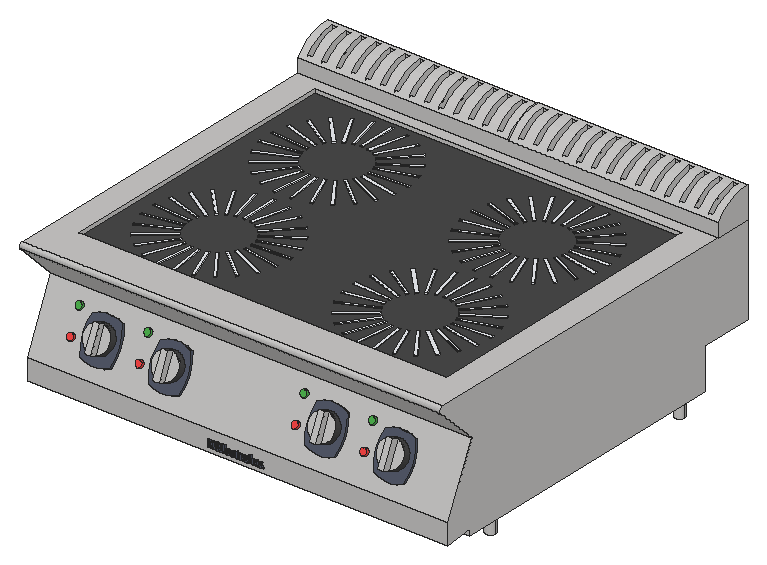
Revit family "QF_ELECTROLUXPROFESSIONAL_371132_E7INEH400N", category Specialty Equipment, Revit 2018 (continued)
Automatic sketch dimensions
  Extrusion 41 sketch curve to Extrusion 41 sketch curve = 0.444 mm
  Extrusion 41 sketch curve to Extrusion 41 sketch curve = 1.11 mm  (x3)
  Extrusion 41 sketch curve to Extrusion 41 sketch curve = 0.215 mm
  Extrusion 41 sketch curve to Extrusion 41 sketch curve = 1.43 mm
  Extrusion 41 sketch curve to Extrusion 41 sketch curve = 1.188 mm
  Extrusion 41 sketch curve to Extrusion 41 sketch curve = 1.21 mm  (x2)
  Extrusion 41 sketch curve to Extrusion 41 sketch curve = 0.503 mm
  Extrusion 41 sketch curve to Extrusion 41 sketch curve = 0.488 mm
  Extrusion 41 sketch curve to Extrusion 41 sketch curve = 0.462 mm
  Extrusion 41 sketch curve to Extrusion 41 sketch curve = 1.386 mm
  Extrusion 41 sketch curve to Extrusion 41 sketch curve = 1.742 mm  (x2)
  Extrusion 41 sketch curve to Extrusion 41 sketch curve = 0.821 mm
  Extrusion 41 sketch curve to Extrusion 41 sketch curve = 0.497 mm
  Extrusion 41 sketch curve to Extrusion 41 sketch curve = 0.539 mm
  Extrusion 41 sketch curve to Extrusion 41 sketch curve = 0.686 mm
  Extrusion 41 sketch curve to Extrusion 41 sketch curve = 0.408 mm
  Extrusion 41 sketch curve to Extrusion 41 sketch curve = 0.743 mm
  Extrusion 41 sketch curve to Extrusion 41 sketch curve = 1.16 mm
  Extrusion 41 sketch curve to Extrusion 41 sketch curve = 0.329 mm
  Extrusion 41 sketch curve to Extrusion 41 sketch curve = 1.054 mm
  Extrusion 41 sketch curve to Extrusion 41 sketch curve = 1.056 mm
  Extrusion 41 sketch curve to Extrusion 41 sketch curve = 0.129 mm
  Extrusion 41 sketch curve to Extrusion 41 sketch curve = 0.489 mm
  Extrusion 41 sketch curve to Extrusion 41 sketch curve = 0.441 mm
  Extrusion 41 sketch curve to Extrusion 41 sketch curve = 1.151 mm
  Extrusion 41 sketch curve to Extrusion 41 sketch curve = 1.141 mm  (x2)
  Extrusion 41 sketch curve to Extrusion 41 sketch curve = 0.768 mm
  Extrusion 41 sketch curve to Extrusion 41 sketch curve = 1.653 mm
  Extrusion 41 sketch curve to Extrusion 41 sketch curve = 0.499 mm
  Extrusion 41 sketch curve to Extrusion 41 sketch curve = 0.964 mm
  Extrusion 41 sketch curve to Extrusion 41 sketch curve = 0.949 mm
  Extrusion 41 sketch curve to Extrusion 41 sketch curve = 1.345 mm  (x2)
  Extrusion 41 sketch curve to Extrusion 41 sketch curve = 1.101 mm
  Extrusion 41 sketch curve to Extrusion 41 sketch curve = 0.432 mm
  Extrusion 41 sketch curve to Extrusion 41 sketch curve = 1.142 mm
  Extrusion 41 sketch curve to Extrusion 41 sketch curve = 0.959 mm
  Extrusion 41 sketch curve to Extrusion 41 sketch curve = 0.176 mm
  Extrusion 41 sketch curve to Extrusion 41 sketch curve = 0.728 mm
  Extrusion 41 sketch curve to Extrusion 41 sketch curve = 3.375 mm  (x2)
  Extrusion 41 sketch curve to Extrusion 41 sketch curve = 0.541 mm
  Extrusion 41 sketch curve to Extrusion 41 sketch curve = 0.955 mm
  Extrusion 41 sketch curve to Extrusion 41 sketch curve = 1.251 mm
  Extrusion 41 sketch curve to Extrusion 41 sketch curve = 0.572 mm
  Extrusion 41 sketch curve to Extrusion 41 sketch curve = 1.92 mm
  Extrusion 41 sketch curve to Extrusion 41 sketch curve = 1.224 mm
  Extrusion 41 sketch curve to Extrusion 41 sketch curve = 0.745 mm
  Extrusion 41 sketch curve to Extrusion 41 sketch curve = 2.537 mm
  Extrusion 41 sketch curve to Extrusion 41 sketch curve = 0.896 mm  (x3)
  Extrusion 41 sketch curve to Extrusion 41 sketch curve = 0.036 mm
  Extrusion 41 sketch curve to Extrusion 41 sketch curve = 2.607 mm
  Extrusion 41 sketch curve to Extrusion 41 sketch curve = 0.066 mm
  Extrusion 41 sketch curve to Extrusion 41 sketch curve = 0.248 mm
  Extrusion 41 sketch curve to Extrusion 41 sketch curve = 0.449 mm
  Extrusion 41 sketch curve to Extrusion 41 sketch curve = 1.052 mm
  Extrusion 41 sketch curve to Extrusion 41 sketch curve = 1.863 mm
  Extrusion 41 sketch curve to Extrusion 41 sketch curve = 1.31 mm  (x2)
  Extrusion 41 sketch curve to Extrusion 41 sketch curve = 0.901 mm
  Extrusion 41 sketch curve to Extrusion 41 sketch curve = 1.107 mm
  Extrusion 41 sketch curve to Extrusion 41 sketch curve = 2.122 mm
  Extrusion 41 sketch curve to Extrusion 41 sketch curve = 2.101 mm
  Extrusion 41 sketch curve to Extrusion 41 sketch curve = 0.106 mm
  Extrusion 41 sketch curve to Extrusion 41 sketch curve = 0.029 mm
  Extrusion 41 sketch curve to Extrusion 41 sketch curve = 2.09 mm
  Extrusion 41 sketch curve to Extrusion 41 sketch curve = 1.279 mm
  Extrusion 41 sketch curve to Extrusion 41 sketch curve = 2.008 mm
  Extrusion 41 sketch curve to Extrusion 41 sketch curve = 0.738 mm
  Extrusion 41 sketch curve to Extrusion 41 sketch curve = 0.382 mm
  Extrusion 41 sketch curve to Extrusion 41 sketch curve = 0.384 mm
  Extrusion 41 sketch curve to Extrusion 41 sketch curve = 0.002 mm
  Extrusion 41 sketch curve to Extrusion 41 sketch curve = 0.561 mm
  Extrusion 41 sketch curve to Extrusion 41 sketch curve = 0.592 mm
  Extrusion 41 sketch curve to Extrusion 41 sketch curve = 2.692 mm
  Extrusion 41 sketch curve to Extrusion 41 sketch curve = 1.259 mm
  Extrusion 41 sketch curve to Extrusion 41 sketch curve = 0.802 mm
  Extrusion 41 sketch curve to Extrusion 41 sketch curve = 1.024 mm  (x2)
  Extrusion 41 sketch curve to Extrusion 41 sketch curve = 0.682 mm
  Extrusion 41 sketch curve to Extrusion 41 sketch curve = 5.934 mm
  Extrusion 41 sketch curve to Extrusion 41 sketch curve = 2.186 mm
  Extrusion 41 sketch curve to Extrusion 41 sketch curve = 0.337 mm
  Extrusion 41 sketch curve to Extrusion 41 sketch curve = 0.021 mm
  Extrusion 41 sketch curve to Extrusion 41 sketch curve = 1.005 mm
  Extrusion 41 sketch curve to Extrusion 41 sketch curve = 0.552 mm
  Extrusion 41 sketch curve to Extrusion 41 sketch curve = 0.778 mm
  Extrusion 41 sketch curve to Extrusion 41 sketch curve = 0.063 mm
  Extrusion 41 sketch curve to Extrusion 41 sketch curve = 1.023 mm
  Extrusion 41 sketch curve to Extrusion 41 sketch curve = 3.804 mm
  Extrusion 41 sketch curve to Extrusion 41 sketch curve = 0.486 mm
  Extrusion 41 sketch curve to Extrusion 41 sketch curve = 0.266 mm  (x2)
  Extrusion 41 sketch curve to Extrusion 41 sketch curve = 1.547 mm
  Extrusion 41 sketch curve to Extrusion 41 sketch curve = 0.717 mm  (x2)
  Extrusion 41 sketch curve to Extrusion 41 sketch curve = 1.667 mm
  Extrusion 41 sketch curve to Extrusion 41 sketch curve = 3.174 mm
  Extrusion 41 sketch curve to Extrusion 41 sketch curve = 0.388 mm
  Extrusion 41 sketch curve to Extrusion 41 sketch curve = 1.342 mm
  Extrusion 41 sketch curve to Extrusion 41 sketch curve = 1.521 mm
  Extrusion 41 sketch curve to Extrusion 41 sketch curve = 0.124 mm
  Extrusion 41 sketch curve to Extrusion 41 sketch curve = 0.291 mm
  plane 7 "Center Y" to Extrusion 41 sketch curve = 3.923 mm
  Extrusion 41 sketch curve to Extrusion 41 sketch curve = 1.049 mm  (x2)
  Extrusion 41 sketch curve to Extrusion 41 sketch curve = 1.7 mm
  Extrusion 41 sketch curve to Extrusion 41 sketch curve = 0.894 mm
  Extrusion 41 sketch curve to Extrusion 41 sketch curve = 0.989 mm
  Extrusion 41 sketch curve to Extrusion 41 sketch curve = 1.168 mm
  Extrusion 41 sketch curve to Extrusion 41 sketch curve = 1.594 mm
  Extrusion 41 sketch curve to Extrusion 41 sketch curve = 0.731 mm
  Extrusion 41 sketch curve to Extrusion 41 sketch curve = 1.566 mm
  Extrusion 41 sketch curve to Extrusion 41 sketch curve = 0.064 mm
  plane 7 "Center Y" to Extrusion 41 sketch curve = 4.479 mm
  Extrusion 41 sketch curve to Extrusion 41 sketch curve = 0.556 mm  (x2)
  Extrusion 41 sketch curve to Extrusion 41 sketch curve = 0.48 mm
  Extrusion 41 sketch curve to Extrusion 41 sketch curve = 1.018 mm
  Extrusion 41 sketch curve to Extrusion 41 sketch curve = 0.787 mm
  Extrusion 41 sketch curve to Extrusion 41 sketch curve = 0.618 mm
  Extrusion 41 sketch curve to Extrusion 41 sketch curve = 1.672 mm
  Extrusion 41 sketch curve to Extrusion 41 sketch curve = 1.361 mm
  Extrusion 41 sketch curve to Extrusion 41 sketch curve = 0.822 mm
  Extrusion 41 sketch curve to Extrusion 41 sketch curve = 0.069 mm
  Extrusion 41 sketch curve to Extrusion 41 sketch curve = 1.88 mm
  Extrusion 41 sketch curve to Extrusion 41 sketch curve = 0.42 mm
  Extrusion 41 sketch curve to Extrusion 41 sketch curve = 0.062 mm
  Extrusion 41 sketch curve to Extrusion 41 sketch curve = 1.355 mm
  Extrusion 41 sketch curve to Extrusion 41 sketch curve = 2.34 mm
  Extrusion 41 sketch curve to Extrusion 41 sketch curve = 0.493 mm
  Extrusion 41 sketch curve to Extrusion 41 sketch curve = 0.136 mm
  Extrusion 41 sketch curve to Extrusion 41 sketch curve = 0.128 mm
  Extrusion 41 sketch curve to Extrusion 41 sketch curve = 3.616 mm
  Extrusion 41 sketch curve to Extrusion 41 sketch curve = 4.207 mm
  Extrusion 41 sketch curve to Extrusion 41 sketch curve = 0.183 mm
  Extrusion 41 sketch curve to Extrusion 41 sketch curve = 0.895 mm
  Extrusion 41 sketch curve to Extrusion 41 sketch curve = 1.314 mm
  Extrusion 41 sketch curve to Extrusion 41 sketch curve = 3.231 mm
  Extrusion 41 sketch curve to Extrusion 41 sketch curve = 1.299 mm
  Extrusion 41 sketch curve to Extrusion 41 sketch curve = 1.214 mm
  Extrusion 41 sketch curve to Extrusion 41 sketch curve = 1.264 mm
  Extrusion 41 sketch curve to Extrusion 41 sketch curve = 0.109 mm
  Extrusion 41 sketch curve to Extrusion 41 sketch curve = 0.357 mm
  Extrusion 41 sketch curve to Extrusion 41 sketch curve = 0.565 mm
  Extrusion 41 sketch curve to Extrusion 41 sketch curve = 2.504 mm
  Extrusion 41 sketch curve to Extrusion 41 sketch curve = 2.459 mm
  Extrusion 41 sketch curve to Extrusion 41 sketch curve = 1.322 mm
  Extrusion 41 sketch curve to Extrusion 41 sketch curve = 2.77 mm
  Extrusion 41 sketch curve to Extrusion 41 sketch curve = 2.51 mm
  Extrusion 41 sketch curve to Extrusion 41 sketch curve = 0.187 mm
  Extrusion 41 sketch curve to Extrusion 41 sketch curve = 2.559 mm
  Extrusion 41 sketch curve to Extrusion 41 sketch curve = 1.556 mm
  Extrusion 41 sketch curve to Extrusion 41 sketch curve = 0.222 mm
  Extrusion 41 sketch curve to Extrusion 41 sketch curve = 1.383 mm
  Extrusion 41 sketch curve to Extrusion 41 sketch curve = 3.114 mm
  Extrusion 41 sketch curve to Extrusion 41 sketch curve = 3.376 mm
  Extrusion 41 sketch curve to Extrusion 41 sketch curve = 0.934 mm
  Extrusion 41 sketch curve to Extrusion 41 sketch curve = 0.191 mm
  Extrusion 41 sketch curve to Extrusion 41 sketch curve = 3.696 mm
  Extrusion 41 sketch curve to Extrusion 41 sketch curve = 2.708 mm
  Extrusion 41 sketch curve to Extrusion 41 sketch curve = 3.333 mm
  Extrusion 41 sketch curve to Extrusion 41 sketch curve = 0.332 mm
  Extrusion 41 sketch curve to Extrusion 41 sketch curve = 1.087 mm
  Extrusion 41 sketch curve to Extrusion 41 sketch curve = 2.23 mm
  Extrusion 41 sketch curve to Extrusion 41 sketch curve = 2.757 mm
  Extrusion 41 sketch curve to Extrusion 41 sketch curve = 0.987 mm
  Extrusion 41 sketch curve to Extrusion 41 sketch curve = 1.529 mm
  Extrusion 41 sketch curve to Extrusion 41 sketch curve = 1.796 mm
  Extrusion 41 sketch curve to Extrusion 41 sketch curve = 2.859 mm
  Extrusion 41 sketch curve to Extrusion 41 sketch curve = 0.853 mm
  Extrusion 41 sketch curve to Extrusion 41 sketch curve = 1.241 mm
  Extrusion 41 sketch curve to Extrusion 41 sketch curve = 2.046 mm  (x2)
  Extrusion 41 sketch curve to Extrusion 41 sketch curve = 2.422 mm
  Extrusion 41 sketch curve to Extrusion 41 sketch curve = 0.27 mm  (x2)
  Extrusion 41 sketch curve to Extrusion 41 sketch curve = 0.69 mm
  Extrusion 41 sketch curve to Extrusion 41 sketch curve = 0.781 mm  (x2)
  Extrusion 41 sketch curve to Extrusion 41 sketch curve = 3.136 mm
  Extrusion 41 sketch curve to Extrusion 41 sketch curve = 1.767 mm
  Extrusion 41 sketch curve to Extrusion 41 sketch curve = 0.138 mm
  Extrusion 41 sketch curve to Extrusion 41 sketch curve = 0.777 mm
  Extrusion 41 sketch curve to Extrusion 41 sketch curve = 1.19 mm
  Extrusion 41 sketch curve to Extrusion 41 sketch curve = 0.782 mm
  Extrusion 41 sketch curve to Extrusion 41 sketch curve = 1.268 mm
  Extrusion 41 sketch curve to Extrusion 41 sketch curve = 0.422 mm  (x2)
  Extrusion 41 sketch curve to Extrusion 41 sketch curve = 1.559 mm
  Extrusion 41 sketch curve to Extrusion 41 sketch curve = 3.927 mm
  Extrusion 41 sketch curve to Extrusion 41 sketch curve = 0.983 mm
  Extrusion 41 sketch curve to Extrusion 41 sketch curve = 1.134 mm
  Extrusion 41 sketch curve to Extrusion 41 sketch curve = 0.094 mm
  plane 7 "Center Y" to Extrusion 41 sketch curve = 1.023 mm
  Extrusion 41 sketch curve to Extrusion 41 sketch curve = 1.501 mm
  Extrusion 41 sketch curve to Extrusion 41 sketch curve = 1.808 mm
  Extrusion 41 sketch curve to Extrusion 41 sketch curve = 0.643 mm
  Extrusion 41 sketch curve to Extrusion 41 sketch curve = 0.916 mm
  Extrusion 41 sketch curve to Extrusion 41 sketch curve = 0.352 mm
  Extrusion 41 sketch curve to Extrusion 41 sketch curve = 0.458 mm
  Extrusion 41 sketch curve to Extrusion 41 sketch curve = 1.282 mm
  Extrusion 41 sketch curve to Extrusion 41 sketch curve = 1.363 mm
  Extrusion 41 sketch curve to Extrusion 41 sketch curve = 0.685 mm
  Extrusion 41 sketch curve to Extrusion 41 sketch curve = 0.905 mm
  Extrusion 41 sketch curve to Extrusion 41 sketch curve = 2.865 mm
  Extrusion 41 sketch curve to Extrusion 41 sketch curve = 0.472 mm
  Extrusion 41 sketch curve to Extrusion 41 sketch curve = 0.101 mm
  Extrusion 41 sketch curve to Extrusion 41 sketch curve = 0.54 mm
  Extrusion 41 sketch curve to Extrusion 41 sketch curve = 0.02 mm
  Extrusion 41 sketch curve to Extrusion 41 sketch curve = 0.468 mm
  Extrusion 41 sketch curve to Extrusion 41 sketch curve = 0.829 mm
  Extrusion 41 sketch curve to Extrusion 41 sketch curve = 0.582 mm
  Extrusion 41 sketch curve to Extrusion 41 sketch curve = 0.166 mm
  Extrusion 41 sketch curve to Extrusion 41 sketch curve = 0.16 mm
  Extrusion 41 sketch curve to Extrusion 41 sketch curve = 2.781 mm
  Extrusion 41 sketch curve to Extrusion 41 sketch curve = 1.118 mm
  Extrusion 41 sketch curve to Extrusion 41 sketch curve = 0.613 mm
  Extrusion 41 sketch curve to Extrusion 41 sketch curve = 0.361 mm
  Extrusion 41 sketch curve to Extrusion 41 sketch curve = 0.897 mm
  Extrusion 41 sketch curve to Extrusion 41 sketch curve = 0.167 mm
  Extrusion 41 sketch curve to Extrusion 41 sketch curve = 0.292 mm
  Extrusion 41 sketch curve to Extrusion 41 sketch curve = 0.305 mm
  Extrusion 41 sketch curve to Extrusion 41 sketch curve = 1.557 mm
  Extrusion 41 sketch curve to Extrusion 41 sketch curve = 2.499 mm
  Extrusion 41 sketch curve to Extrusion 41 sketch curve = 3.062 mm
  Extrusion 41 sketch curve to Extrusion 41 sketch curve = 2.968 mm
  Extrusion 41 sketch curve to Extrusion 41 sketch curve = 5.044 mm
  Extrusion 41 sketch curve to Extrusion 41 sketch curve = 0.629 mm  (x2)
  Extrusion 41 sketch curve to Extrusion 41 sketch curve = 1.131 mm
  Extrusion 41 sketch curve to Extrusion 41 sketch curve = 0.137 mm
  Extrusion 41 sketch curve to Extrusion 41 sketch curve = 0.027 mm
  Extrusion 41 sketch curve to Extrusion 41 sketch curve = 2.235 mm
  Extrusion 42 sketch curve to Extrusion 1 = 31.333 mm  (x2)
  Extrusion 42 sketch curve to Extrusion 42 sketch curve = 12.3 mm  (x3)
  Extrusion 42 sketch curve to Extrusion 42 sketch curve = 34.925 mm  (x2)
  Extrusion 1 to Extrusion 42 sketch curve = 44.467 mm
  Extrusion 1 to Extrusion 42 sketch curve = 305.752 mm
  Extrusion 42 sketch curve to Extrusion 42 sketch curve = 25.727 mm
  Extrusion 42 sketch curve to Extrusion 42 sketch curve = 25.771 mm
  Extrusion 42 sketch curve to Extrusion 42 sketch curve = 28.531 mm
  Extrusion 44 sketch curve to Extrusion 44 sketch curve = 24.732 mm
  Extrusion 44 sketch curve to Extrusion 44 sketch curve = 0 mm
  Extrusion 1 to Extrusion 45 sketch curve = 29.678 mm
  Extrusion 1 to Extrusion 45 sketch curve = 196.283 mm
  Extrusion 46 sketch curve to Extrusion 1 = 54.522 mm
  Extrusion 1 to Extrusion 46 sketch curve = 196.283 mm
  Extrusion 47 sketch curve to Extrusion 1 = 31.333 mm  (x2)
  Extrusion 47 sketch curve to Extrusion 47 sketch curve = 12.3 mm  (x3)
  Extrusion 47 sketch curve to Extrusion 47 sketch curve = 34.925 mm  (x2)
  Extrusion 1 to Extrusion 47 sketch curve = 44.467 mm
  Extrusion 1 to Extrusion 47 sketch curve = 66.558 mm
  Extrusion 47 sketch curve to Extrusion 47 sketch curve = 25.683 mm
  Extrusion 47 sketch curve to Extrusion 47 sketch curve = 25.727 mm
  Extrusion 47 sketch curve to Extrusion 47 sketch curve = 28.575 mm
  Extrusion 49 sketch curve to Extrusion 49 sketch curve = 24.732 mm
  Extrusion 49 sketch curve to Extrusion 49 sketch curve = 0 mm
  Extrusion 50 sketch curve to Extrusion 1 = 31.333 mm  (x2)
  Extrusion 50 sketch curve to Extrusion 50 sketch curve = 12.3 mm  (x3)
  Extrusion 50 sketch curve to Extrusion 50 sketch curve = 34.925 mm  (x2)
  Extrusion 1 to Extrusion 50 sketch curve = 44.467 mm
  Extrusion 1 to Extrusion 50 sketch curve = 197.193 mm
  Extrusion 50 sketch curve to Extrusion 50 sketch curve = 25.683 mm
  Extrusion 50 sketch curve to Extrusion 50 sketch curve = 25.727 mm
  Extrusion 50 sketch curve to Extrusion 50 sketch curve = 28.575 mm
  Extrusion 52 sketch curve to Extrusion 52 sketch curve = 24.732 mm
  Extrusion 52 sketch curve to Extrusion 52 sketch curve = 0 mm
  Extrusion 1 to Extrusion 53 sketch curve = 29.678 mm
  Extrusion 1 to Extrusion 53 sketch curve = 306.618 mm
  Extrusion 54 sketch curve to Extrusion 1 = 54.522 mm
  Extrusion 1 to Extrusion 54 sketch curve = 306.618 mm
  Extrusion 1 to Extrusion 55 sketch curve = 29.678 mm
  Extrusion 1 to Extrusion 55 sketch curve = 175.983 mm
  Extrusion 56 sketch curve to Extrusion 1 = 54.522 mm
  Extrusion 1 to Extrusion 56 sketch curve = 175.983 mm
  plane 7 "Center Y" to curve 133 = 1.729 mm
  curve 9 to plane 7 "Center Y" = 1.454 mm
  curve 9 to curve 7 = 0 mm
  radius of Extrusion 3 sketch curve = 9.525 mm  (x4)
  radius of Extrusion 5 sketch curve = 25.4 mm
  radius of Extrusion 6 sketch curve to Extrusion 5 = 0 mm  (x2)
  radius of Extrusion 7 sketch curve = 6.35 mm
  radius of Extrusion 8 sketch curve = 6.4 mm
  radius of Extrusion 9 sketch curve = 12.7 mm
  radius of Extrusion 43 sketch curve = 25.4 mm
  radius of Extrusion 44 sketch curve to Extrusion 43 = 0 mm  (x2)
  radius of Extrusion 45 sketch curve = 6.35 mm
  radius of Extrusion 46 sketch curve = 6.4 mm
  radius of Extrusion 48 sketch curve = 25.4 mm
  radius of Extrusion 49 sketch curve to Extrusion 48 = 0 mm  (x2)
  radius of Extrusion 51 sketch curve = 25.4 mm
  radius of Extrusion 52 sketch curve to Extrusion 51 = 0 mm  (x2)
  radius of Extrusion 53 sketch curve = 6.35 mm
  radius of Extrusion 54 sketch curve = 6.4 mm
  radius of Extrusion 55 sketch curve = 6.35 mm
  radius of Extrusion 56 sketch curve = 6.4 mm
Nested families
  nested 1: "INDUCTION BURNER" at (75.273, -103.911, 266.887), type "INDUCTION BURNER"
    with Type Mark "", Status "", Specification by User "", Revision Code "", Item Number "", Installed By "", Identify Quantity as Lot yes, Furnished By "", Foodservice Equipment Identifier yes
  nested 2: "INDUCTION BURNER" at (457, -103.911, 266.887), type "INDUCTION BURNER"
    with Type Mark "", Status "", Specification by User "", Revision Code "", Item Number "", Installed By "", Identify Quantity as Lot yes, Furnished By "", Foodservice Equipment Identifier yes
  nested 3: "INDUCTION BURNER" at (457, -383.911, 266.887), type "INDUCTION BURNER"
    with Type Mark "", Status "", Specification by User "", Revision Code "", Item Number "", Installed By "", Identify Quantity as Lot yes, Furnished By "", Foodservice Equipment Identifier yes
  nested 4: "INDUCTION BURNER" at (75.273, -383.911, 266.887), type "INDUCTION BURNER"
    with Type Mark "", Status "", Specification by User "", Revision Code "", Item Number "", Installed By "", Identify Quantity as Lot yes, Furnished By "", Foodservice Equipment Identifier yes
Connectors
  electrical at (736.5, -88.9, 57.906), driven by "Volts", driven by "Watts"
    settings: on Extrusion 9, index 1, voltage 230 V, apparent load 14000 VA, apparent load phase1 0 VA, apparent load phase2 0 VA, apparent load phase3 0 VA, power factor 1, load classification "Other", number of poles 1, system type 30, power factor state 1, is connector primary yes, connector utility no, sub classification motor no, connector description "Electrical Connection"
Definition of nested family "INDUCTION BURNER"
  Parameters
    Weight in Pounds = 0
    URL Cutsheet = ""
    Type Mark [instance] = ""
    Status [instance] = ""
    Specification by User [instance] = ""
    Specification by Manufacturer = ""
    Serial Number = ""
    Seismic Rating = ""
    SMACNA No = ""
    Revision Code [instance] = ""
    Omniclass Number and Title = ""
    NAFEM Spec ID Number = ""
    Masterspec = ""
    Item Number [instance] = ""
    Installed By [instance] = ""
    Identify Quantity as Lot [instance] = yes
    Furnished By [instance] = ""
    Foodservice Equipment Identifier [instance] = yes
    CSI MasterFormat = ""
    CSI Master Format = ""
    Assembly Code = ""
  Reference planes
    plane 1 "BACK": y = 0
    plane 2: z = 0
    plane 3 "LEFT": x = 0
    plane 4 "RIGHT": x = 263
    plane 5 "FRONT": y = -263
    plane 6 "TOP": z = 0.794
    plane 7 "Center Y": x = 131.5
    plane 8 "Center X": y = -131.5
  Forms (mm)
    Extrusion 1, solid
      sketch origin (0, 0, 0) x (1, 0, 0) y (0, 1, 0)
        loop
          line (134, -73.314) -> (134, 0) -> (129, 0) -> (129, -73.314) -> (134, -73.314)
        loop
          line (119.451, -74.521) -> (101.219, -3.51) -> (96.376, -4.753) -> (114.608, -75.764) -> (119.451, -74.521)
        loop
          line (105.66, -79.307) -> (70.34, -15.061) -> (65.959, -17.47) -> (101.278, -81.716) -> (105.66, -79.307)
        loop
          line (93.492, -87.373) -> (43.304, -33.929) -> (39.66, -37.352) -> (89.847, -90.796) -> (93.492, -87.373)
        loop
          line (83.712, -98.212) -> (21.81, -58.928) -> (19.131, -63.15) -> (81.033, -102.433) -> (83.712, -98.212)
        loop
          line (5.664, -93.242) -> (75.39, -115.897) -> (76.935, -111.142) -> (7.209, -88.487) -> (5.664, -93.242)
        loop
          line (73.586, -125.351) -> (0.416, -120.748) -> (0.103, -125.738) -> (73.272, -130.342) -> (73.586, -125.351)
        loop
          line (73.876, -139.947) -> (1.861, -153.685) -> (2.798, -158.596) -> (74.813, -144.859) -> (73.876, -139.947)
        loop
          line (77.788, -154.012) -> (11.451, -185.228) -> (13.58, -189.752) -> (79.916, -158.536) -> (77.788, -154.012)
        loop
          line (85.074, -166.663) -> (28.584, -213.395) -> (31.771, -217.248) -> (88.261, -170.515) -> (85.074, -166.663)
        loop
          line (95.277, -177.104) -> (52.184, -236.416) -> (56.229, -239.355) -> (99.322, -180.043) -> (95.277, -177.104)
        loop
          line (107.756, -184.679) -> (80.767, -252.845) -> (85.416, -254.686) -> (112.405, -186.52) -> (107.756, -184.679)
        loop
          line (121.727, -188.914) -> (112.538, -261.65) -> (117.499, -262.276) -> (126.688, -189.54) -> (121.727, -188.914)
        loop
          line (143.549, -74.521) -> (148.392, -75.764) -> (166.624, -4.753) -> (161.781, -3.51) -> (143.549, -74.521)
        loop
          line (157.34, -79.307) -> (161.722, -81.716) -> (197.041, -17.47) -> (192.66, -15.061) -> (157.34, -79.307)
        loop
          line (169.508, -87.373) -> (173.153, -90.796) -> (223.34, -37.352) -> (219.696, -33.929) -> (169.508, -87.373)
        loop
          line (179.288, -98.212) -> (181.967, -102.433) -> (243.869, -63.15) -> (241.19, -58.928) -> (179.288, -98.212)
        loop
          line (257.336, -93.242) -> (255.791, -88.487) -> (186.065, -111.142) -> (187.61, -115.897) -> (257.336, -93.242)
        loop
          line (189.414, -125.351) -> (189.728, -130.342) -> (262.897, -125.738) -> (262.584, -120.748) -> (189.414, -125.351)
        loop
          line (189.124, -139.947) -> (188.187, -144.859) -> (260.202, -158.596) -> (261.139, -153.685) -> (189.124, -139.947)
        loop
          line (185.212, -154.012) -> (183.084, -158.536) -> (249.42, -189.752) -> (251.549, -185.228) -> (185.212, -154.012)
        loop
          line (177.926, -166.663) -> (174.739, -170.515) -> (231.229, -217.248) -> (234.416, -213.395) -> (177.926, -166.663)
        loop
          line (167.723, -177.104) -> (163.678, -180.043) -> (206.771, -239.355) -> (210.816, -236.416) -> (167.723, -177.104)
        loop
          line (155.244, -184.679) -> (150.595, -186.52) -> (177.584, -254.686) -> (182.233, -252.845) -> (155.244, -184.679)
        loop
          line (141.273, -188.914) -> (136.312, -189.54) -> (145.501, -262.276) -> (150.462, -261.65) -> (141.273, -188.914)
      from 0 to 0.8
  Lines and regions (mm)
    symbolic lines
      curve 1: line (134, -73.314, 0) -> (134, 0, 0)
      curve 2: line (134, 0, 0) -> (129, 0, 0)
      curve 3: line (129, 0, 0) -> (129, -73.314, 0)
      curve 4: line (129, -73.314, 0) -> (134, -73.314, 0)
      curve 5: line (148.392, -75.764, 0) -> (166.624, -4.753, 0)
      curve 6: line (166.624, -4.753, 0) -> (161.781, -3.51, 0)
      curve 7: line (161.781, -3.51, 0) -> (143.549, -74.521, 0)
      curve 8: line (143.549, -74.521, 0) -> (148.392, -75.764, 0)
      curve 9: line (119.451, -74.521, 0) -> (101.219, -3.51, 0)
      curve 10: line (101.219, -3.51, 0) -> (96.376, -4.753, 0)
      curve 11: line (96.376, -4.753, 0) -> (114.608, -75.764, 0)
      curve 12: line (114.608, -75.764, 0) -> (119.451, -74.521, 0)
      curve 13: line (105.66, -79.307, 0) -> (70.34, -15.061, 0)
      curve 14: line (70.34, -15.061, 0) -> (65.959, -17.47, 0)
      curve 15: line (65.959, -17.47, 0) -> (101.278, -81.716, 0)
      curve 16: line (101.278, -81.716, 0) -> (105.66, -79.307, 0)
      curve 17: line (93.492, -87.373, 0) -> (43.304, -33.929, 0)
      curve 18: line (43.304, -33.929, 0) -> (39.66, -37.352, 0)
      curve 19: line (39.66, -37.352, 0) -> (89.847, -90.796, 0)
      curve 20: line (89.847, -90.796, 0) -> (93.492, -87.373, 0)
      curve 21: line (83.712, -98.212, 0) -> (21.81, -58.928, 0)
      curve 22: line (21.81, -58.928, 0) -> (19.131, -63.15, 0)
      curve 23: line (19.131, -63.15, 0) -> (81.033, -102.433, 0)
      curve 24: line (81.033, -102.433, 0) -> (83.712, -98.212, 0)
      curve 25: line (76.935, -111.142, 0) -> (7.209, -88.487, 0)
      curve 26: line (7.209, -88.487, 0) -> (5.664, -93.242, 0)
      curve 27: line (5.664, -93.242, 0) -> (75.39, -115.897, 0)
      curve 28: line (75.39, -115.897, 0) -> (76.935, -111.142, 0)
      curve 29: line (73.586, -125.351, 0) -> (0.416, -120.748, 0)
      curve 30: line (0.416, -120.748, 0) -> (0.103, -125.738, 0)
      curve 31: line (0.103, -125.738, 0) -> (73.272, -130.342, 0)
      curve 32: line (73.272, -130.342, 0) -> (73.586, -125.351, 0)
      curve 33: line (73.876, -139.947, 0) -> (1.861, -153.685, 0)
      curve 34: line (1.861, -153.685, 0) -> (2.798, -158.596, 0)
      curve 35: line (2.798, -158.596, 0) -> (74.813, -144.859, 0)
      curve 36: line (74.813, -144.859, 0) -> (73.876, -139.947, 0)
      curve 37: line (77.788, -154.012, 0) -> (11.451, -185.228, 0)
      curve 38: line (11.451, -185.228, 0) -> (13.58, -189.752, 0)
      curve 39: line (13.58, -189.752, 0) -> (79.916, -158.536, 0)
      curve 40: line (79.916, -158.536, 0) -> (77.788, -154.012, 0)
      curve 41: line (85.074, -166.663, 0) -> (28.584, -213.395, 0)
      curve 42: line (28.584, -213.395, 0) -> (31.771, -217.248, 0)
      curve 43: line (31.771, -217.248, 0) -> (88.261, -170.515, 0)
      curve 44: line (88.261, -170.515, 0) -> (85.074, -166.663, 0)
      curve 45: line (95.277, -177.104, 0) -> (52.184, -236.416, 0)
      curve 46: line (52.184, -236.416, 0) -> (56.229, -239.355, 0)
      curve 47: line (56.229, -239.355, 0) -> (99.322, -180.043, 0)
      curve 48: line (99.322, -180.043, 0) -> (95.277, -177.104, 0)
      curve 49: line (107.756, -184.679, 0) -> (80.767, -252.845, 0)
      curve 50: line (80.767, -252.845, 0) -> (85.416, -254.686, 0)
      curve 51: line (85.416, -254.686, 0) -> (112.405, -186.52, 0)
      curve 52: line (112.405, -186.52, 0) -> (107.756, -184.679, 0)
      curve 53: line (121.727, -188.914, 0) -> (112.538, -261.65, 0)
      curve 54: line (112.538, -261.65, 0) -> (117.499, -262.276, 0)
      curve 55: line (117.499, -262.276, 0) -> (126.688, -189.54, 0)
      curve 56: line (126.688, -189.54, 0) -> (121.727, -188.914, 0)
      curve 57: line (136.312, -189.54, 0) -> (145.501, -262.276, 0)
      curve 58: line (145.501, -262.276, 0) -> (150.462, -261.65, 0)
      curve 59: line (150.462, -261.65, 0) -> (141.273, -188.914, 0)
      curve 60: line (141.273, -188.914, 0) -> (136.312, -189.54, 0)
      curve 61: line (150.595, -186.52, 0) -> (177.584, -254.686, 0)
      curve 62: line (177.584, -254.686, 0) -> (182.233, -252.845, 0)
      curve 63: line (182.233, -252.845, 0) -> (155.244, -184.679, 0)
      curve 64: line (155.244, -184.679, 0) -> (150.595, -186.52, 0)
      curve 65: line (163.678, -180.043, 0) -> (206.771, -239.355, 0)
      curve 66: line (206.771, -239.355, 0) -> (210.816, -236.416, 0)
      curve 67: line (210.816, -236.416, 0) -> (167.723, -177.104, 0)
      curve 68: line (167.723, -177.104, 0) -> (163.678, -180.043, 0)
      curve 69: line (174.739, -170.515, 0) -> (231.229, -217.248, 0)
      curve 70: line (231.229, -217.248, 0) -> (234.416, -213.395, 0)
      curve 71: line (234.416, -213.395, 0) -> (177.926, -166.663, 0)
      curve 72: line (177.926, -166.663, 0) -> (174.739, -170.515, 0)
      curve 73: line (183.084, -158.536, 0) -> (249.42, -189.752, 0)
      curve 74: line (249.42, -189.752, 0) -> (251.549, -185.228, 0)
      curve 75: line (251.549, -185.228, 0) -> (185.212, -154.012, 0)
      curve 76: line (185.212, -154.012, 0) -> (183.084, -158.536, 0)
      curve 77: line (188.187, -144.859, 0) -> (260.202, -158.596, 0)
      curve 78: line (260.202, -158.596, 0) -> (261.139, -153.685, 0)
      curve 79: line (261.139, -153.685, 0) -> (189.124, -139.947, 0)
      curve 80: line (189.124, -139.947, 0) -> (188.187, -144.859, 0)
      curve 81: line (189.728, -130.342, 0) -> (262.897, -125.738, 0)
      curve 82: line (262.897, -125.738, 0) -> (262.584, -120.748, 0)
      curve 83: line (262.584, -120.748, 0) -> (189.414, -125.351, 0)
      curve 84: line (189.414, -125.351, 0) -> (189.728, -130.342, 0)
      curve 85: line (187.61, -115.897, 0) -> (257.336, -93.242, 0)
      curve 86: line (257.336, -93.242, 0) -> (255.791, -88.487, 0)
      curve 87: line (255.791, -88.487, 0) -> (186.065, -111.142, 0)
      curve 88: line (186.065, -111.142, 0) -> (187.61, -115.897, 0)
      curve 89: line (181.967, -102.433, 0) -> (243.869, -63.15, 0)
      curve 90: line (243.869, -63.15, 0) -> (241.19, -58.928, 0)
      curve 91: line (241.19, -58.928, 0) -> (179.288, -98.212, 0)
      curve 92: line (179.288, -98.212, 0) -> (181.967, -102.433, 0)
      curve 93: line (173.153, -90.796, 0) -> (223.34, -37.352, 0)
      curve 94: line (223.34, -37.352, 0) -> (219.696, -33.929, 0)
      curve 95: line (219.696, -33.929, 0) -> (169.508, -87.373, 0)
      curve 96: line (169.508, -87.373, 0) -> (173.153, -90.796, 0)
      curve 97: line (161.722, -81.716, 0) -> (197.041, -17.47, 0)
      curve 98: line (197.041, -17.47, 0) -> (192.66, -15.061, 0)
      curve 99: line (192.66, -15.061, 0) -> (157.34, -79.307, 0)
      curve 100: line (157.34, -79.307, 0) -> (161.722, -81.716, 0)
  Dimensions and locks
    equal spacing: plane 3 "LEFT", plane 7 "Center Y", plane 4 "RIGHT"
    plane 3 "LEFT" to plane 4 "RIGHT" = 263 mm
    equal spacing: plane 5 "FRONT", plane 8 "Center X", plane 1 "BACK"
    plane 5 "FRONT" to plane 1 "BACK" = 263 mm
    plane 6 "TOP" to level = 0.794 mm
    aligned and locked: level to plane 2
  Automatic sketch dimensions
    plane 1 "BACK" to curve 1 = 0 mm
    plane 3 "LEFT" to curve 31 = 0.103 mm
    plane 3 "LEFT" to curve 33 = 1.861 mm
    plane 3 "LEFT" to curve 26 = 5.664 mm
    plane 3 "LEFT" to curve 38 = 11.451 mm
    curve 37 to curve 39 = 2.129 mm
    plane 3 "LEFT" to curve 22 = 19.131 mm
    curve 38 to curve 42 = 15.004 mm
    curve 21 to curve 18 = 17.849 mm
    plane 1 "BACK" to curve 14 = 15.061 mm
    curve 14 to curve 14 = 4.382 mm
    plane 8 "Center X" to curve 32 = 1.158 mm
    curve 32 to curve 29 = 0.314 mm
    curve 31 to curve 36 = 0.604 mm
    curve 33 to plane 8 "Center X" = 8.447 mm
    curve 33 to curve 35 = 0.937 mm
    curve 29 to curve 28 = 1.803 mm
    plane 8 "Center X" to curve 27 = 15.603 mm
    curve 27 to curve 25 = 1.545 mm
    curve 36 to curve 40 = 2.974 mm
    curve 37 to plane 8 "Center X" = 22.512 mm
    curve 25 to curve 23 = 4.098 mm
    curve 23 to curve 21 = 2.679 mm
    curve 39 to curve 41 = 5.157 mm
    curve 49 to curve 51 = 4.649 mm
    curve 50 to plane 5 "FRONT" = 8.314 mm
    curve 41 to curve 44 = 3.187 mm
    curve 21 to curve 19 = 6.135 mm
    curve 19 to curve 17 = 3.645 mm
    curve 43 to curve 45 = 7.016 mm
    curve 45 to curve 47 = 4.045 mm
    curve 10 to curve 9 = 4.843 mm
    plane 1 "BACK" to curve 10 = 3.51 mm
    curve 17 to curve 16 = 7.786 mm
    curve 47 to curve 49 = 8.434 mm
    curve 13 to curve 11 = 8.949 mm
    curve 54 to plane 5 "FRONT" = 0.724 mm
    curve 53 to curve 54 = 4.961 mm
    curve 56 to plane 7 "Center Y" = 4.812 mm
    curve 2 to plane 7 "Center Y" = 2.5 mm
    plane 7 "Center Y" to curve 1 = 2.5 mm
    plane 7 "Center Y" to curve 57 = 4.812 mm
    plane 7 "Center Y" to curve 58 = 14.001 mm
    curve 57 to plane 5 "FRONT" = 0.724 mm
    curve 58 to curve 58 = 4.961 mm
    curve 59 to curve 64 = 9.322 mm
    curve 61 to curve 64 = 4.649 mm
    curve 5 to curve 100 = 8.949 mm
    plane 1 "BACK" to curve 6 = 3.51 mm
    curve 63 to curve 65 = 8.434 mm
    curve 6 to curve 6 = 4.843 mm
    curve 65 to curve 67 = 4.045 mm
    curve 97 to curve 96 = 7.786 mm
    curve 95 to curve 96 = 3.645 mm
    curve 67 to curve 72 = 7.016 mm
    curve 62 to plane 5 "FRONT" = 8.314 mm
    curve 69 to curve 71 = 3.187 mm
    curve 93 to curve 92 = 6.135 mm
    curve 71 to curve 76 = 5.157 mm
    curve 73 to curve 76 = 2.129 mm
    curve 75 to plane 8 "Center X" = 22.512 mm
    curve 89 to curve 88 = 4.098 mm
    plane 8 "Center X" to curve 88 = 15.603 mm
    curve 75 to curve 77 = 2.974 mm
    curve 79 to plane 8 "Center X" = 8.447 mm
    curve 77 to curve 79 = 0.937 mm
    curve 85 to curve 84 = 1.803 mm
    plane 8 "Center X" to curve 84 = 1.158 mm
    curve 83 to curve 84 = 0.314 mm
    plane 1 "BACK" to curve 98 = 15.061 mm
    curve 98 to curve 98 = 4.382 mm
    curve 66 to curve 70 = 20.413 mm
    curve 91 to plane 4 "RIGHT" = 21.81 mm
    curve 90 to curve 90 = 2.679 mm
    curve 74 to plane 4 "RIGHT" = 13.58 mm
    curve 86 to plane 4 "RIGHT" = 7.209 mm
    curve 86 to curve 86 = 1.545 mm
    curve 79 to plane 4 "RIGHT" = 1.861 mm
    curve 82 to plane 4 "RIGHT" = 0.103 mm
    curve 46 to curve 46 = 2.939 mm
    curve 45 to curve 42 = 19.169 mm
    curve 66 to curve 70 = 19.169 mm
    curve 69 to curve 71 = 3.853 mm
    curve 56 to curve 60 = 0 mm
    curve 55 to curve 53 = 0.627 mm
    curve 57 to curve 59 = 0.627 mm
    curve 53 to curve 52 = 2.394 mm
    curve 59 to curve 61 = 2.394 mm
    curve 73 to curve 75 = 4.524 mm
    curve 51 to curve 49 = 1.841 mm
    curve 61 to curve 63 = 1.841 mm
    curve 49 to curve 48 = 4.637 mm
    curve 63 to curve 65 = 4.637 mm
    curve 65 to curve 67 = 2.939 mm
    curve 67 to curve 72 = 6.589 mm
    curve 45 to curve 44 = 6.589 mm
    curve 43 to curve 44 = 3.853 mm
    curve 39 to curve 37 = 4.524 mm
    curve 77 to curve 78 = 4.911 mm
    curve 34 to curve 33 = 4.911 mm
    plane 8 "Center X" to curve 31 = 5.762 mm
    plane 8 "Center X" to curve 81 = 5.762 mm
    curve 30 to curve 30 = 4.99 mm
    curve 81 to curve 83 = 4.99 mm
    curve 87 to curve 89 = 8.709 mm
    curve 25 to curve 23 = 8.709 mm
    curve 23 to curve 21 = 4.222 mm
    curve 91 to curve 96 = 7.416 mm
    curve 21 to curve 20 = 7.416 mm
    curve 26 to curve 26 = 4.755 mm
    curve 86 to curve 86 = 4.755 mm
    curve 19 to curve 20 = 3.423 mm
    curve 93 to curve 95 = 3.423 mm
    curve 17 to curve 16 = 5.657 mm
    curve 95 to curve 97 = 5.657 mm
    curve 16 to curve 13 = 2.409 mm
    curve 97 to curve 100 = 2.409 mm
    curve 99 to curve 8 = 3.543 mm
    curve 13 to curve 11 = 3.543 mm
    curve 5 to curve 8 = 1.243 mm
    curve 11 to curve 12 = 1.243 mm
    curve 9 to curve 3 = 1.206 mm
    curve 90 to curve 91 = 4.222 mm
    curve 91 to curve 94 = 21.576 mm
    plane 1 "BACK" to Extrusion 1 sketch curve = 0 mm
    plane 3 "LEFT" to Extrusion 1 sketch curve = 0.103 mm
    plane 3 "LEFT" to Extrusion 1 sketch curve = 0.416 mm
    plane 3 "LEFT" to Extrusion 1 sketch curve = 1.861 mm
    plane 3 "LEFT" to Extrusion 1 sketch curve = 2.798 mm
    plane 3 "LEFT" to Extrusion 1 sketch curve = 5.664 mm
    Extrusion 1 sketch curve to Extrusion 1 sketch curve = 1.545 mm  (x2)
    plane 3 "LEFT" to Extrusion 1 sketch curve = 11.451 mm
    Extrusion 1 sketch curve to Extrusion 1 sketch curve = 2.129 mm  (x2)
    plane 3 "LEFT" to Extrusion 1 sketch curve = 19.131 mm
    Extrusion 1 sketch curve to Extrusion 1 sketch curve = 2.679 mm  (x2)
    Extrusion 1 sketch curve to Extrusion 1 sketch curve = 15.004 mm
    Extrusion 1 sketch curve to Extrusion 1 sketch curve = 3.187 mm  (x2)
    Extrusion 1 sketch curve to Extrusion 1 sketch curve = 17.849 mm
    plane 1 "BACK" to Extrusion 1 sketch curve = 33.929 mm
    Extrusion 1 sketch curve to Extrusion 1 sketch curve = 3.645 mm  (x2)
    Extrusion 1 sketch curve to Extrusion 1 sketch curve = 20.413 mm  (x2)
    Extrusion 1 sketch curve to plane 5 "FRONT" = 23.645 mm  (x2)
    Extrusion 1 sketch curve to Extrusion 1 sketch curve = 4.045 mm  (x2)
    Extrusion 1 sketch curve to Extrusion 1 sketch curve = 22.654 mm  (x2)
    plane 1 "BACK" to Extrusion 1 sketch curve = 15.061 mm  (x2)
    Extrusion 1 sketch curve to Extrusion 1 sketch curve = 4.382 mm  (x2)
    plane 8 "Center X" to Extrusion 1 sketch curve = 1.158 mm  (x2)
    Extrusion 1 sketch curve to plane 7 "Center Y" = 58.228 mm
    Extrusion 1 sketch curve to plane 8 "Center X" = 8.447 mm  (x2)
    Extrusion 1 sketch curve to Extrusion 1 sketch curve = 0.604 mm
    plane 8 "Center X" to Extrusion 1 sketch curve = 15.603 mm  (x2)
    Extrusion 1 sketch curve to Extrusion 1 sketch curve = 1.803 mm  (x2)
    Extrusion 1 sketch curve to plane 8 "Center X" = 22.512 mm  (x2)
    Extrusion 1 sketch curve to Extrusion 1 sketch curve = 2.974 mm  (x2)
    Extrusion 1 sketch curve to plane 5 "FRONT" = 10.155 mm
    Extrusion 1 sketch curve to Extrusion 1 sketch curve = 24.538 mm  (x2)
    Extrusion 1 sketch curve to Extrusion 1 sketch curve = 4.098 mm  (x2)
    Extrusion 1 sketch curve to Extrusion 1 sketch curve = 5.157 mm  (x2)
    Extrusion 1 sketch curve to plane 5 "FRONT" = 8.314 mm  (x2)
    Extrusion 1 sketch curve to Extrusion 1 sketch curve = 4.649 mm  (x2)
    Extrusion 1 sketch curve to Extrusion 1 sketch curve = 6.135 mm  (x2)
    Extrusion 1 sketch curve to Extrusion 1 sketch curve = 7.016 mm  (x2)
    plane 1 "BACK" to Extrusion 1 sketch curve = 4.753 mm
    Extrusion 1 sketch curve to Extrusion 1 sketch curve = 26.036 mm  (x2)
    plane 1 "BACK" to Extrusion 1 sketch curve = 3.51 mm  (x2)
    Extrusion 1 sketch curve to Extrusion 1 sketch curve = 4.843 mm  (x2)
    Extrusion 1 sketch curve to Extrusion 1 sketch curve = 7.786 mm  (x2)
    Extrusion 1 sketch curve to Extrusion 1 sketch curve = 8.434 mm  (x2)
    Extrusion 1 sketch curve to plane 5 "FRONT" = 1.35 mm
    Extrusion 1 sketch curve to plane 7 "Center Y" = 18.962 mm
    Extrusion 1 sketch curve to Extrusion 1 sketch curve = 8.949 mm  (x2)
    Extrusion 1 sketch curve to plane 5 "FRONT" = 0.724 mm  (x2)
    Extrusion 1 sketch curve to Extrusion 1 sketch curve = 4.961 mm  (x2)
    Extrusion 1 sketch curve to Extrusion 1 sketch curve = 9.322 mm  (x2)
    Extrusion 1 sketch curve to plane 7 "Center Y" = 2.5 mm
    plane 7 "Center Y" to Extrusion 1 sketch curve = 2.5 mm
    plane 7 "Center Y" to Extrusion 1 sketch curve = 4.812 mm
    Extrusion 1 sketch curve to Extrusion 1 sketch curve = 9.549 mm
    plane 7 "Center Y" to Extrusion 1 sketch curve = 14.001 mm
    Extrusion 1 sketch curve to Extrusion 1 sketch curve = 27.781 mm
    Extrusion 1 sketch curve to Extrusion 1 sketch curve = 27.122 mm
    plane 8 "Center X" to Extrusion 1 sketch curve = 29.067 mm
    plane 8 "Center X" to Extrusion 1 sketch curve = 20.358 mm
    Extrusion 1 sketch curve to plane 8 "Center X" = 13.359 mm
    Extrusion 1 sketch curve to Extrusion 1 sketch curve = 0.937 mm
    plane 8 "Center X" to Extrusion 1 sketch curve = 6.149 mm
    Extrusion 1 sketch curve to Extrusion 1 sketch curve = 0.314 mm
    Extrusion 1 sketch curve to plane 4 "RIGHT" = 21.81 mm
    Extrusion 1 sketch curve to plane 4 "RIGHT" = 13.58 mm
    Extrusion 1 sketch curve to plane 4 "RIGHT" = 7.209 mm
    Extrusion 1 sketch curve to plane 4 "RIGHT" = 2.798 mm
    Extrusion 1 sketch curve to plane 4 "RIGHT" = 0.416 mm
    Extrusion 1 sketch curve to Extrusion 1 sketch curve = 0.627 mm
    Extrusion 1 sketch curve to Extrusion 1 sketch curve = 1.841 mm
    Extrusion 1 sketch curve to Extrusion 1 sketch curve = 2.939 mm  (x2)
    Extrusion 1 sketch curve to Extrusion 1 sketch curve = 19.169 mm  (x2)
    Extrusion 1 sketch curve to Extrusion 1 sketch curve = 3.853 mm  (x2)
    Extrusion 1 sketch curve to Extrusion 1 sketch curve = 23.643 mm  (x2)
    Extrusion 1 sketch curve to plane 8 "Center X" = 27.096 mm
    plane 8 "Center X" to Extrusion 1 sketch curve = 5.762 mm
    Extrusion 1 sketch curve to Extrusion 1 sketch curve = 4.755 mm
    Extrusion 1 sketch curve to Extrusion 1 sketch curve = 8.709 mm
    Extrusion 1 sketch curve to Extrusion 1 sketch curve = 4.222 mm  (x2)
    Extrusion 1 sketch curve to Extrusion 1 sketch curve = 7.416 mm  (x2)
    Extrusion 1 sketch curve to Extrusion 1 sketch curve = 3.423 mm
    Extrusion 1 sketch curve to Extrusion 1 sketch curve = 5.657 mm  (x2)
    Extrusion 1 sketch curve to Extrusion 1 sketch curve = 3.543 mm
    Extrusion 1 sketch curve to Extrusion 1 sketch curve = 1.206 mm
